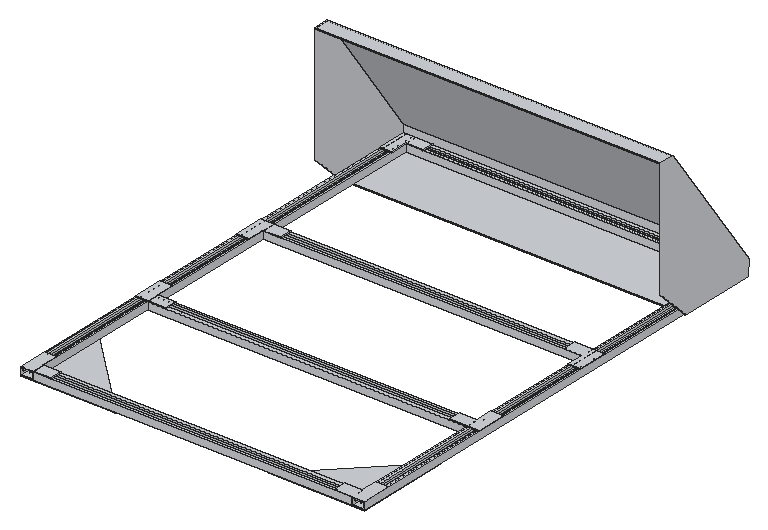
Revit family "OBO_Inverter_frame_wall_mounting_WRR_W", category Generic Models, host Face, Revit 2019
Family settings
  Host = Face
  Can host rebar = No
  Round Connector Dimension = Use Diameter
  Part Type = Normal
  OmniClass Number = 23.80.40.21
  OmniClass Title = Lightning Protection
  Cut with Voids When Loaded = No
  Shared = No
  Room Calculation Point = No
Parameters
  Width [instance] = size_lookup(LookupTable_Name_1, "Width", 100 mm, Length)  # 470 mm
  Weight per unit [instance] = size_lookup(LookupTable_Name_1, "Weight per unit", 0.00 kg, Length)  # 0.00 kg
  Uniclass [instance] = ""
  OBO_Vertical_Profile_Distance_2 [instance] = 902 mm  # constant formula
  OBO_Vertical_Profile_Distance_1 [instance] = 451 mm  # constant formula
  OBO_Sheet_Metal_Thickness [instance] = 2 mm  # constant formula
  OBO_Profile_Width [instance] = 40 mm  # constant formula
  OBO_Profile_Thickness [instance] = 2 mm  # constant formula
  OBO_Profile_Length [instance] = if(Length = 1084 mm, 1000 mm, 1500 mm)  # 1000 mm
  OBO_Profile_Heigt [instance] = 22.5 mm  # constant formula
  OBO_Length_Control [instance] = if(Specified Width > 1084 mm, 1584 mm, 1084 mm)  # 1084 mm
  Length [instance] = if(OBO_Length_Control = 1584 mm, size_lookup(LookupTable_Name_1, "Length", 1084 mm, OBO_Length_Control), size_lookup(LookupTable_Name_1, "Length", 1584 mm, OBO_Length_Control))  # 1084 mm
  Model = ""
  Material [instance] = ""
  Manufacturer = "OBO"  # constant formula
  LookupTable_Name_1 [instance] = "OBO_Inverter_frame_wall_mounting_WRR_W_1"  # constant formula
  Item number [instance] = size_lookup(LookupTable_Name_1, "Item Number", "", Length)  # "5904001"
  Item name [instance] = size_lookup(LookupTable_Name_1, "Item Name", "", Length)  # "WRR W 100"
  Specified Width [instance] = 1084 mm
  IfcExportType [instance] = ""
  IfcExportAs [instance] = ""
  Height [instance] = size_lookup(LookupTable_Name_1, "Height", 1000 mm, Length)  # 1500 mm
  GTIN [instance] = size_lookup(LookupTable_Name_1, "GTIN", "", Length)  # "-"
  ETIM group [instance] = ""
  ETIM class [instance] = ""
  ELDAS-No [instance] = size_lookup(LookupTable_Name_1, "ELDAS-No", "", Length)  # "-"
  Description = "Inverter frame for protected mounting of several inverters for PV systems free-standing. Mounting on the wall."  # constant formula
  Default Elevation = 1219.2 mm
  Ausschreibungstext [instance] = ""
Reference planes
  plane 1 "Center (Front/Back)": y = 0
  plane 2: z = 0
  plane 3 "Center (Left/Right)": x = 0
  plane 4: y = 750
  plane 5: y = -750
  plane 6: x = -540
  plane 7: x = 540
  plane 8: z = 470
  plane 9: x = -500
  plane 10: x = 500
  plane 11: y = 710
  plane 12: y = -710
  plane 13: y = -279
  plane 14: y = 172
  plane 15: y = 730
  plane 16: x = -520
  plane 17: x = 520
  plane 18: z = 2
  plane 19: x = -542
  plane 20: x = 542
  plane 21: y = 752
  plane 22: y = -730
  plane 23: z = 24.5
  plane 24: z = 26.5
  plane 25: y = -299
  plane 26: y = -259
  plane 27: y = 192
  plane 28: y = 152
  plane 29: y = -450
  plane 30: x = -240
  plane 31: x = 240
  plane 32: x = -425
  plane 33: x = -375
  plane 34: x = 425
  plane 35: x = 375
  plane 36: y = -585
  plane 37: y = -635
Forms (mm)
  Sweep 1, solid
    path origin (-1326.733, -4572, 2) x (-1, 0, 0) y (0, -1, 0)
      loop
        line (-806.733, -3822) -> (-806.733, -5322)
    profile "profile_rail : profile_rail" origin (-520, 0, 2) x (-1, 0, 0) y (0, 0, 1)
      loop
        line (-18, 2) -> (-18, 20.5) -> (-11, 20.5) -> (-11, 17) -> (-9, 17) -> (-9, 22.5) -> (-20, 22.5) -> (-20, 0) -> (20, 0) -> (20, 22.5) -> (9, 22.5) -> (9, 17) -> (11, 17) -> (11, 20.5) -> (18, 20.5) -> (18, 2) -> (-18, 2)
  Sweep 2, solid
    path origin (-1326.733, -4572, 2) x (-1, 0, 0) y (0, -1, 0)
      loop
        line (-1846.733, -5322) -> (-1846.733, -3822)
    profile "profile_rail : profile_rail" origin (520, 0, 2) x (1, 0, 0) y (0, 0, 1)
      loop
        line (-18, 2) -> (-18, 20.5) -> (-11, 20.5) -> (-11, 17) -> (-9, 17) -> (-9, 22.5) -> (-20, 22.5) -> (-20, 0) -> (20, 0) -> (20, 22.5) -> (9, 22.5) -> (9, 17) -> (11, 17) -> (11, 20.5) -> (18, 20.5) -> (18, 2) -> (-18, 2)
  Sweep 3, solid
    path origin (-1326.733, -4572, 2) x (-1, 0, 0) y (0, -1, 0)
      loop
        line (-826.733, -4293) -> (-1826.733, -4293)
    profile "profile_rail : profile_rail" origin (0, -279, 2) x (0, 1, 0) y (0, 0, 1)
      loop
        line (-18, 2) -> (-18, 20.5) -> (-11, 20.5) -> (-11, 17) -> (-9, 17) -> (-9, 22.5) -> (-20, 22.5) -> (-20, 0) -> (20, 0) -> (20, 22.5) -> (9, 22.5) -> (9, 17) -> (11, 17) -> (11, 20.5) -> (18, 20.5) -> (18, 2) -> (-18, 2)
  Sweep 4, solid
    path origin (-1326.733, -4572, 2) x (-1, 0, 0) y (0, -1, 0)
      loop
        line (-826.733, -3842) -> (-1826.733, -3842)
    profile "profile_rail : profile_rail" origin (0, -730, 2) x (0, 1, 0) y (0, 0, 1)
      loop
        line (-18, 2) -> (-18, 20.5) -> (-11, 20.5) -> (-11, 17) -> (-9, 17) -> (-9, 22.5) -> (-20, 22.5) -> (-20, 0) -> (20, 0) -> (20, 22.5) -> (9, 22.5) -> (9, 17) -> (11, 17) -> (11, 20.5) -> (18, 20.5) -> (18, 2) -> (-18, 2)
  Sweep 5, solid
    path origin (-1326.733, -4572, 2) x (-1, 0, 0) y (0, -1, 0)
      loop
        line (-826.733, -4744) -> (-1826.733, -4744)
    profile "profile_rail : profile_rail" origin (0, 172, 2) x (0, 1, 0) y (0, 0, 1)
      loop
        line (-18, 2) -> (-18, 20.5) -> (-11, 20.5) -> (-11, 17) -> (-9, 17) -> (-9, 22.5) -> (-20, 22.5) -> (-20, 0) -> (20, 0) -> (20, 22.5) -> (9, 22.5) -> (9, 17) -> (11, 17) -> (11, 20.5) -> (18, 20.5) -> (18, 2) -> (-18, 2)
  Sweep 6, solid
    path origin (-1326.733, -4572, 2) x (-1, 0, 0) y (0, -1, 0)
      loop
        line (-826.733, -5302) -> (-1826.733, -5302)
    profile "profile_rail : profile_rail" origin (0, 730, 2) x (0, 1, 0) y (0, 0, 1)
      loop
        line (-18, 2) -> (-18, 20.5) -> (-11, 20.5) -> (-11, 17) -> (-9, 17) -> (-9, 22.5) -> (-20, 22.5) -> (-20, 0) -> (20, 0) -> (20, 22.5) -> (9, 22.5) -> (9, 17) -> (11, 17) -> (11, 20.5) -> (18, 20.5) -> (18, 2) -> (-18, 2)
  Sweep 7, solid
    path origin (-724.779, -750, 1219.2) x (-1, 0, 0) y (0, 0, 1)
      loop
        line (-184.779, -1194.7) -> (-184.779, -1192.7)
    profile "profile_L : profile_L" origin (-540, -750, 25.5) x (1, 0, 0) y (0, 1, 0)
      loop
        line (0, 95) -> (0, 0) -> (95, 0) -> (95, 40) -> (40, 40) -> (40, 95) -> (0, 95)
  Sweep 8, solid
    path origin (-724.779, -750, 1219.2) x (-1, 0, 0) y (0, 0, 1)
      loop
        line (-1264.779, -1194.7) -> (-1264.779, -1192.7)
    profile "profile_L : profile_L" origin (540, -750, 25.5) x (1, 0, 0) y (0, 1, 0)
      loop
        line (0, 95) -> (-40, 95) -> (-40, 40) -> (-95, 40) -> (-95, 0) -> (0, 0) -> (0, 95)
  Sweep 9, solid
    path origin (-500, -299, 1219.2) x (-1, 0, 0) y (0, 0, 1)
      loop
        line (40, -1194.7) -> (40, -1192.7)
    profile "profile_L : profile_L" origin (-540, -299, 25.5) x (1, 0, 0) y (0, 1, 0)
      loop
        line (0, 95) -> (0, 0) -> (95, 0) -> (95, 40) -> (40, 40) -> (40, 95) -> (0, 95)
  Sweep 10, solid
    path origin (-500, -299, 1219.2) x (-1, 0, 0) y (0, 0, 1)
      loop
        line (-1040, -1194.7) -> (-1040, -1192.7)
    profile "profile_L : profile_L" origin (540, -299, 25.5) x (1, 0, 0) y (0, 1, 0)
      loop
        line (0, 95) -> (-40, 95) -> (-40, 40) -> (-95, 40) -> (-95, 0) -> (0, 0) -> (0, 95)
  Sweep 11, solid
    path origin (-500, 192, 1219.2) x (-1, 0, 0) y (0, 0, 1)
      loop
        line (-1040, -1194.7) -> (-1040, -1192.7)
    profile "profile_L : profile_L" origin (540, 192, 25.5) x (1, 0, 0) y (0, 1, 0)
      loop
        line (-95, 0) -> (-95, -40) -> (-40, -40) -> (-40, -95) -> (0, -95) -> (0, 0) -> (-95, 0)
  Sweep 12, solid
    path origin (-500, 192, 1219.2) x (-1, 0, 0) y (0, 0, 1)
      loop
        line (40, -1194.7) -> (40, -1192.7)
    profile "profile_L : profile_L" origin (-540, 192, 25.5) x (1, 0, 0) y (0, 1, 0)
      loop
        line (95, 0) -> (0, 0) -> (0, -95) -> (40, -95) -> (40, -40) -> (95, -40) -> (95, 0)
  Sweep 13, solid
    path origin (-724.779, 750, 1219.2) x (-1, 0, 0) y (0, 0, 1)
      loop
        line (-184.779, -1194.7) -> (-184.779, -1192.7)
    profile "profile_L : profile_L" origin (-540, 750, 25.5) x (1, 0, 0) y (0, 1, 0)
      loop
        line (95, 0) -> (0, 0) -> (0, -95) -> (40, -95) -> (40, -40) -> (95, -40) -> (95, 0)
  Sweep 14, solid
    path origin (-724.779, 750, 1219.2) x (-1, 0, 0) y (0, 0, 1)
      loop
        line (-1264.779, -1194.7) -> (-1264.779, -1192.7)
    profile "profile_L : profile_L" origin (540, 750, 25.5) x (1, 0, 0) y (0, 1, 0)
      loop
        line (-95, 0) -> (-95, -40) -> (-40, -40) -> (-40, -95) -> (0, -95) -> (0, 0) -> (-95, 0)
  Extrusion 15, solid, detail levels fine
    sketch origin (-1326.733, -4572, 2) x (-1, 0, 0) y (0, -1, 0)
      loop
        line (-786.733, -3822) -> (-1086.733, -3822) -> (-786.733, -4122) -> (-786.733, -3822)
    from -2 to 0
  Extrusion 16, solid, detail levels fine
    sketch origin (1326.733, -4572, 2) x (1, 0, 0) y (0, 1, 0)
      loop
        line (-786.733, 3822) -> (-786.733, 4122) -> (-1086.733, 3822) -> (-786.733, 3822)
    from -2 to 0
  Sweep 17, void
    path origin (-645.558, -730, 1219.2) x (-1, 0, 0) y (0, 0, 1)
      loop
        line (-220.558, -1219.2) -> (-220.558, -1217.2)
    profile "hole_profile : hole_profile" origin (-425, -730, 1) x (1, 0, 0) y (0, 1, 0)
      loop
        arc (-8.5, 6.5) -> (-15, 0) -> (-8.5, -6.5) r 6.5
        line (-8.5, -6.5) -> (8.5, -6.5)
        arc (8.5, -6.5) -> (15, 0) -> (8.5, 6.5) r 6.5
        line (8.5, 6.5) -> (-8.5, 6.5)
  Sweep 18, void
    path origin (-645.558, -730, 1219.2) x (-1, 0, 0) y (0, 0, 1)
      loop
        line (-270.558, -1219.2) -> (-270.558, -1217.2)
    profile "hole_profile : hole_profile" origin (-375, -730, 1) x (1, 0, 0) y (0, 1, 0)
      loop
        arc (-8.5, 6.5) -> (-15, 0) -> (-8.5, -6.5) r 6.5
        line (-8.5, -6.5) -> (8.5, -6.5)
        arc (8.5, -6.5) -> (15, 0) -> (8.5, 6.5) r 6.5
        line (8.5, 6.5) -> (-8.5, 6.5)
  Sweep 19, void
    path origin (645.558, -730, 1219.2) x (1, 0, 0) y (0, 0, -1)
      loop
        line (-220.558, 1219.2) -> (-220.558, 1217.2)
    profile "hole_profile : hole_profile" origin (425, -730, 1) x (1, 0, 0) y (0, 1, 0)
      loop
        line (8.5, 6.5) -> (-8.5, 6.5)
        arc (-8.5, 6.5) -> (-15, 0) -> (-8.5, -6.5) r 6.5
        line (-8.5, -6.5) -> (8.5, -6.5)
        arc (8.5, -6.5) -> (15, 0) -> (8.5, 6.5) r 6.5
  Sweep 20, void
    path origin (645.558, -730, 1219.2) x (1, 0, 0) y (0, 0, -1)
      loop
        line (-270.558, 1219.2) -> (-270.558, 1217.2)
    profile "hole_profile : hole_profile" origin (375, -730, 1) x (1, 0, 0) y (0, 1, 0)
      loop
        line (8.5, 6.5) -> (-8.5, 6.5)
        arc (-8.5, 6.5) -> (-15, 0) -> (-8.5, -6.5) r 6.5
        line (-8.5, -6.5) -> (8.5, -6.5)
        arc (8.5, -6.5) -> (15, 0) -> (8.5, 6.5) r 6.5
  Extrusion 21, solid, detail levels coarse+medium
    sketch origin (-1326.733, -4572, 2) x (-1, 0, 0) y (0, -1, 0)
      loop
        line (-786.733, -3822) -> (-1086.733, -3822) -> (-786.733, -4122) -> (-786.733, -3822)
    from -2 to 0
  Extrusion 22, solid, detail levels coarse+medium
    sketch origin (1326.733, -4572, 2) x (1, 0, 0) y (0, 1, 0)
      loop
        line (-786.733, 3822) -> (-786.733, 4122) -> (-1086.733, 3822) -> (-786.733, 3822)
    from -2 to 0
  Sweep 23, solid
    path origin (0, 0, 0) x (1, 0, 0) y (0, 1, 0)
      loop
        line (-542, 752) -> (-540, 752)
    profile "profile_top : profile_top" origin (-541, 752, 0) x (0, 1, 0) y (0, 0, 1)
      loop
        line (-246, 0) -> (0, 0) -> (0, 50) -> (-296, 470) -> (-346, 470) -> (-346, 100) -> (-246, 0)
  Sweep 24, solid
    path origin (0, 0, 0) x (-1, 0, 0) y (0, -1, 0)
      loop
        line (-542, -752) -> (-540, -752)
    profile "profile_top : profile_top" origin (541, 752, 0) x (0, -1, 0) y (0, 0, 1)
      loop
        line (246, 0) -> (346, 100) -> (346, 470) -> (296, 470) -> (0, 50) -> (0, 0) -> (246, 0)
  Sweep 25, solid
    path origin (0, 0, 0) x (1, 0, 0) y (0, 1, 0)
      loop
        line (-540, 752) -> (540, 752)
    profile "profile_top_length : profile_top_length" origin (0, 752, 0) x (0, 1, 0) y (0, 0, 1)
      loop
        line (-246, 0) -> (0, 0) -> (0, 50) -> (-296, 470) -> (-346, 470) -> (-346, 468) -> (-297.037, 468) -> (-2, 49.366) -> (-2, 2) -> (-246, 2) -> (-246, 0)
  Sweep 26, void
    path origin (-520, 838.45, 1219.2) x (0, 1, 0) y (0, 0, 1)
      loop
        line (-1473.45, -1219.2) -> (-1473.45, -1217.2)
    profile "hole_profile : hole_profile" origin (-520, -635, 1) x (0, -1, 0) y (1, 0, 0)
      loop
        arc (-8.5, 6.5) -> (-15, 0) -> (-8.5, -6.5) r 6.5
        line (-8.5, -6.5) -> (8.5, -6.5)
        arc (8.5, -6.5) -> (15, 0) -> (8.5, 6.5) r 6.5
        line (8.5, 6.5) -> (-8.5, 6.5)
  Sweep 27, void
    path origin (-520, 838.45, 1219.2) x (0, 1, 0) y (0, 0, 1)
      loop
        line (-1423.45, -1219.2) -> (-1423.45, -1217.2)
    profile "hole_profile : hole_profile" origin (-520, -585, 1) x (0, -1, 0) y (1, 0, 0)
      loop
        arc (-8.5, 6.5) -> (-15, 0) -> (-8.5, -6.5) r 6.5
        line (-8.5, -6.5) -> (8.5, -6.5)
        arc (8.5, -6.5) -> (15, 0) -> (8.5, 6.5) r 6.5
        line (8.5, 6.5) -> (-8.5, 6.5)
  Sweep 28, void
    path origin (520, -1030.022, 1219.2) x (0, -1, 0) y (0, 0, 1)
      loop
        line (-395.022, -1219.2) -> (-395.022, -1217.2)
    profile "hole_profile : hole_profile" origin (520, -635, 1) x (0, 1, 0) y (-1, 0, 0)
      loop
        arc (-8.5, 6.5) -> (-15, 0) -> (-8.5, -6.5) r 6.5
        line (-8.5, -6.5) -> (8.5, -6.5)
        arc (8.5, -6.5) -> (15, 0) -> (8.5, 6.5) r 6.5
        line (8.5, 6.5) -> (-8.5, 6.5)
  Sweep 29, void
    path origin (520, -1030.022, 1219.2) x (0, -1, 0) y (0, 0, 1)
      loop
        line (-445.022, -1219.2) -> (-445.022, -1217.2)
    profile "hole_profile : hole_profile" origin (520, -585, 1) x (0, 1, 0) y (-1, 0, 0)
      loop
        arc (-8.5, 6.5) -> (-15, 0) -> (-8.5, -6.5) r 6.5
        line (-8.5, -6.5) -> (8.5, -6.5)
        arc (8.5, -6.5) -> (15, 0) -> (8.5, 6.5) r 6.5
        line (8.5, 6.5) -> (-8.5, 6.5)
Cuts and joins
  Sweep 17, Sweep 18, Sweep 26, Sweep 27 cuts Extrusion 15
  Sweep 19, Sweep 20, Sweep 28, Sweep 29 cuts Extrusion 16
  joined: Sweep 23, Sweep 24, Sweep 25
Dimensions and locks
  equal spacing: plane 4, plane 1 "Center (Front/Back)", plane 5
  "Height": plane 4 to plane 5
  "Width": plane 8 to level
  "OBO_Profile_Width": plane 12 to plane 5
  "OBO_Profile_Width": plane 4 to plane 11
  equal spacing: plane 4, plane 15, plane 11
  equal spacing: plane 6, plane 16, plane 9
  equal spacing: plane 10, plane 17, plane 7
  locked: plane 18 to plane 2 at 2
  equal spacing: plane 19, plane 3 "Center (Left/Right)", plane 20
  "Length": plane 19 to plane 20
  equal spacing: plane 9, plane 3 "Center (Left/Right)", plane 10
  "OBO_Profile_Length": plane 9 to plane 10
  "OBO_Profile_Width": plane 6 to plane 9
  "OBO_Profile_Width": plane 10 to plane 7
  "OBO_Sheet_Metal_Thickness": plane 21 to plane 4
  equal spacing: plane 12, plane 22, plane 5
  "OBO_Profile_Heigt": plane 23 to plane 18
  locked: plane 24 to plane 23 at 2
  "OBO_Profile_Width": plane 26 to plane 25
  "OBO_Vertical_Profile_Distance_1": plane 25 to plane 5
  equal spacing: plane 26, plane 13, plane 25
  "OBO_Profile_Width": plane 28 to plane 27
  "OBO_Vertical_Profile_Distance_2": plane 28 to plane 5
  equal spacing: plane 28, plane 14, plane 27
  locked: plane 29 to plane 5 at 300
  locked: plane 6 to plane 30 at 300
  locked: plane 31 to plane 7 at 300
  locked: plane 33 to plane 30 at 135
  locked: plane 32 to plane 33 at 50
  locked: plane 34 to plane 35 at 50
  locked: plane 31 to plane 35 at 135
  locked: plane 29 to plane 36 at 135
  locked: plane 36 to plane 37 at 50
  aligned and locked: plane 2 to host face
  aligned and locked: level to host face
  aligned and locked: plane 16 to Sweep 1 sketch curve
  aligned and locked: plane 4 to Sweep 1 sketch curve
  aligned and locked: plane 5 to Sweep 1 sketch curve
  aligned and locked: plane 17 to Sweep 2 sketch curve
  aligned and locked: plane 5 to Sweep 2 sketch curve
  aligned and locked: plane 4 to Sweep 2 sketch curve
  aligned and locked: plane 9 to Sweep 3 sketch curve
  aligned and locked: plane 10 to Sweep 3 sketch curve
  aligned and locked: Sweep 3 sketch curve to plane 13
  aligned and locked: Sweep 4 sketch curve to plane 22
  aligned and locked: plane 10 to Sweep 4 sketch curve
  aligned and locked: plane 9 to Sweep 4 sketch curve
  aligned and locked: Sweep 5 sketch curve to plane 14
  aligned and locked: plane 9 to Sweep 5 sketch curve
  aligned and locked: plane 10 to Sweep 5 sketch curve
  aligned and locked: Sweep 6 sketch curve to plane 15
  aligned and locked: plane 9 to Sweep 6 sketch curve
  aligned and locked: plane 10 to Sweep 6 sketch curve
  aligned and locked: plane 6 to Sweep 7 sketch curve
  aligned and locked: plane 23 to Sweep 7 sketch curve
  aligned and locked: plane 24 to Sweep 7 sketch curve
  aligned and locked: plane 23 to Sweep 8 sketch curve
  aligned and locked: plane 24 to Sweep 8 sketch curve
  aligned and locked: Sweep 8 sketch curve to plane 7
  aligned and locked: plane 6 to Sweep 9 sketch curve
  aligned and locked: plane 23 to Sweep 9 sketch curve
  aligned and locked: plane 24 to Sweep 9 sketch curve
  aligned and locked: Sweep 10 sketch curve to plane 7
  aligned and locked: plane 24 to Sweep 10 sketch curve
  aligned and locked: plane 23 to Sweep 10 sketch curve
  aligned and locked: Sweep 11 sketch curve to plane 7
  aligned and locked: plane 24 to Sweep 11 sketch curve
  aligned and locked: plane 23 to Sweep 11 sketch curve
  aligned and locked: plane 6 to Sweep 12 sketch curve
  aligned and locked: plane 24 to Sweep 12 sketch curve
  aligned and locked: plane 23 to Sweep 12 sketch curve
  aligned and locked: plane 6 to Sweep 13 sketch curve
  aligned and locked: plane 24 to Sweep 13 sketch curve
  aligned and locked: plane 23 to Sweep 13 sketch curve
  aligned and locked: Sweep 14 sketch curve to plane 7
  aligned and locked: plane 23 to Sweep 14 sketch curve
  aligned and locked: plane 24 to Sweep 14 sketch curve
  aligned and locked: Extrusion 15 sketch curve to plane 6
  aligned and locked: Extrusion 15 sketch curve to plane 5
  aligned and locked: plane 29 to Extrusion 15 sketch curve
  aligned and locked: plane 30 to Extrusion 15 sketch curve
  aligned and locked: plane 5 to Extrusion 15 sketch curve
  aligned and locked: Extrusion 15 to level
  aligned and locked: plane 18 to Extrusion 15
  aligned and locked: plane 5 to Extrusion 16 sketch curve  (x2)
  aligned and locked: plane 31 to Extrusion 16 sketch curve
  aligned and locked: plane 29 to Extrusion 16 sketch curve
  aligned and locked: plane 7 to Extrusion 16 sketch curve
  aligned and locked: Extrusion 16 to level
  aligned and locked: plane 18 to Extrusion 16
  aligned and locked: plane 32 to Sweep 17 sketch curve
  aligned and locked: plane 2 to Sweep 17 sketch curve
  aligned and locked: plane 18 to Sweep 17 sketch curve
  aligned and locked: plane 33 to Sweep 18 sketch curve
  aligned and locked: plane 2 to Sweep 18 sketch curve
  aligned and locked: plane 18 to Sweep 18 sketch curve
  aligned and locked: Sweep 19 sketch curve to plane 34
  aligned and locked: plane 2 to Sweep 19 sketch curve
  aligned and locked: plane 18 to Sweep 19 sketch curve
  aligned and locked: Sweep 20 sketch curve to plane 35
  aligned and locked: plane 18 to Sweep 20 sketch curve
  aligned and locked: plane 2 to Sweep 20 sketch curve
  aligned and locked: Sweep 23 sketch curve to plane 21
  aligned and locked: plane 19 to Sweep 23 sketch curve
  aligned and locked: plane 6 to Sweep 23 sketch curve
  aligned and locked: plane 21 to Sweep 24 sketch curve
  aligned and locked: plane 20 to Sweep 24 sketch curve
  aligned and locked: plane 7 to Sweep 24 sketch curve
  aligned and locked: Sweep 25 sketch curve to plane 21
  aligned and locked: plane 7 to Sweep 25 sketch curve
  aligned and locked: plane 6 to Sweep 25 sketch curve
  aligned and locked: Sweep 26 sketch curve to plane 37
  aligned and locked: plane 2 to Sweep 26 sketch curve
  aligned and locked: plane 18 to Sweep 26 sketch curve
  aligned and locked: Sweep 27 sketch curve to plane 36
  aligned and locked: plane 2 to Sweep 27 sketch curve
  aligned and locked: plane 18 to Sweep 27 sketch curve
  aligned and locked: Sweep 28 sketch curve to plane 37
  aligned and locked: plane 2 to Sweep 28 sketch curve
  aligned and locked: plane 18 to Sweep 28 sketch curve
  aligned and locked: Sweep 29 sketch curve to plane 36
  aligned and locked: plane 2 to Sweep 29 sketch curve
  aligned and locked: plane 18 to Sweep 29 sketch curve
Automatic sketch dimensions
  host sketch curve to host sketch curve = 2438.4 mm  (x2)
  Extrusion 21 sketch curve to plane 5 = 0 mm
  Extrusion 21 sketch curve to plane 30 = 0 mm
  Extrusion 21 sketch curve to plane 6 = 0 mm
  Extrusion 21 sketch curve to plane 29 = 0 mm
  Extrusion 22 sketch curve to plane 5 = 0 mm
  Extrusion 22 sketch curve to plane 31 = 0 mm
  Extrusion 22 sketch curve to plane 7 = 0 mm
  plane 29 to Extrusion 22 sketch curve = 0 mm
